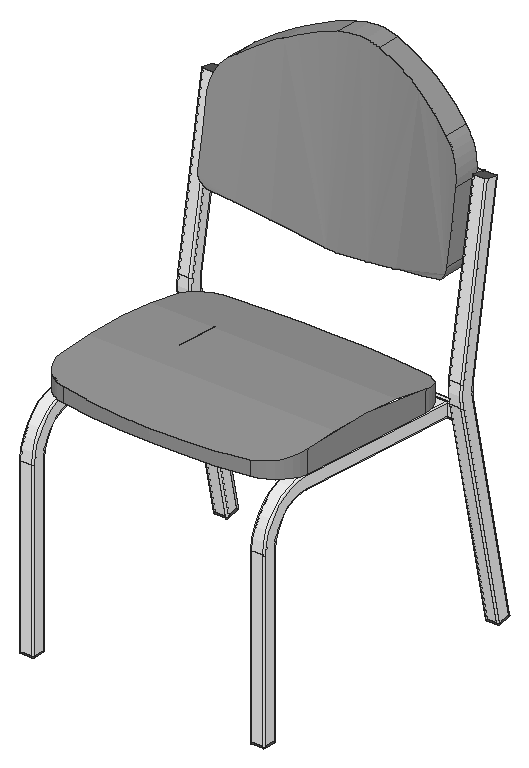
Revit family "110C", category Furniture, Revit 2019
Family settings
  OmniClass Number = 23.40.00.00
  OmniClass Title = Equipment and Furnishings
  Work Plane-Based = No
  Always vertical = Yes
  Cut with Voids When Loaded = No
  Shared = No
  Room Calculation Point = No
Parameters (values of type "110C")
  URL = "www.gof.co.uk"
  Seat = Gresham - Gabriel Byron 09101
  Range = "SEATING"
  Product Code = "110C"
  Model = "HEAVY DUTY"
  Manufacturer = "Gresham Office Funiture"  # constant formula
  Frame = Gresham - Chrome
  Plastics = Gresham - Black Plastic
  Back = Gresham - Gabriel Byron 09101
  Assembly Code = "E2020200"
Reference planes
  plane 1 "Center (Front/Back)": y = 0
  plane 2: z = 0
  plane 3 "Center (Left/Right)": x = 0
  plane 4: x = 190.33
  plane 5: x = -190.33
  plane 6: z = 3
Forms (mm)
  Sweep 1, solid, material "Gresham - Chrome" <- "Frame"
    path in 3D
      loop
        line (0, 140.425, 356.86) -> (0, -167.445, 378.389)
        arc (0, -167.445, 378.389) -> (0, -223.827, 358.423) -> (0, -247.677, 303.572) r 75
        line (0, -247.677, 303.572) -> (0, -247.677, 2.599)
    profile origin (0, -247.677, 153.085) x (1, 0, 0) y (0, 1, 0)
      loop
        arc (-212.33, 12.614) -> (-214.452, 11.735) -> (-215.33, 9.614) r 3
        line (-215.33, 9.614) -> (-215.33, -9.386)
        arc (-215.33, -9.386) -> (-214.452, -11.508) -> (-212.33, -12.386) r 3
        line (-212.33, -12.386) -> (-193.33, -12.386)
        arc (-193.33, -12.386) -> (-191.209, -11.508) -> (-190.33, -9.386) r 3
        line (-190.33, -9.386) -> (-190.33, 9.614)
        arc (-190.33, 9.614) -> (-191.209, 11.735) -> (-193.33, 12.614) r 3
        line (-193.33, 12.614) -> (-212.33, 12.614)
  Sweep 2, solid, material "Gresham - Chrome" <- "Frame"
    path in 3D
      loop
        line (0, 222.056, 5.613) -> (0, 142.906, 377.981)
        arc (0, 142.906, 377.981) -> (0, 141.008, 394.644) -> (0, 142.324, 411.363) r 87.488
        line (0, 142.324, 411.363) -> (0, 195.228, 711.397)
    profile origin (0, 182.481, 191.797) x (0, -0.978148, -0.207912) y (1, 0, 0)
      loop
        line (12.5, -247.93) -> (12.5, -228.93)
        arc (12.5, -228.93) -> (11.621, -226.809) -> (9.5, -225.93) r 3
        line (9.5, -225.93) -> (-9.5, -225.93)
        arc (-9.5, -225.93) -> (-11.621, -226.809) -> (-12.5, -228.93) r 3
        line (-12.5, -228.93) -> (-12.5, -247.93)
        arc (-12.5, -247.93) -> (-11.621, -250.052) -> (-9.5, -250.93) r 3
        line (-9.5, -250.93) -> (9.5, -250.93)
        arc (9.5, -250.93) -> (11.621, -250.052) -> (12.5, -247.93) r 3
  Extrusion 3, solid, material "Gresham - Chrome" <- "Frame"
    sketch origin (0, 0, 0) x (0, 1, 0) y (0, 0, 1)
      loop
        arc (140.411, 347.398) -> (141.134, 345.218) -> (143.186, 344.188) r 3
        line (143.186, 344.188) -> (149.596, 343.724)
        arc (149.596, 343.724) -> (151.775, 344.447) -> (152.805, 346.499) r 3
        line (152.805, 346.499) -> (154.179, 365.449)
        arc (154.179, 365.449) -> (153.456, 367.629) -> (151.403, 368.658) r 3
        line (151.403, 368.658) -> (144.994, 369.123)
        arc (144.994, 369.123) -> (142.815, 368.4) -> (141.785, 366.348) r 3
        line (141.785, 366.348) -> (140.411, 347.398)
    from -225.93 to 225.93
  Sweep 4, solid, material "Gresham - Chrome" <- "Frame"
    path in 3D
      loop
        line (0, 140.425, 356.86) -> (0, -167.445, 378.389)
        arc (0, -167.445, 378.389) -> (0, -223.827, 358.423) -> (0, -247.677, 303.572) r 75
        line (0, -247.677, 303.572) -> (0, -247.677, 2.599)
    profile origin (0, -247.677, 153.085) x (-1, 0, 0) y (0, -1, 0)
      loop
        line (-212.33, -12.614) -> (-193.33, -12.614)
        arc (-193.33, -12.614) -> (-191.209, -11.735) -> (-190.33, -9.614) r 3
        line (-190.33, -9.614) -> (-190.33, 9.386)
        arc (-190.33, 9.386) -> (-191.209, 11.508) -> (-193.33, 12.386) r 3
        line (-193.33, 12.386) -> (-212.33, 12.386)
        arc (-212.33, 12.386) -> (-214.452, 11.508) -> (-215.33, 9.386) r 3
        line (-215.33, 9.386) -> (-215.33, -9.614)
        arc (-215.33, -9.614) -> (-214.452, -11.735) -> (-212.33, -12.614) r 3
  Sweep 5, solid, material "Gresham - Chrome" <- "Frame"
    path in 3D
      loop
        line (0, 222.056, 5.613) -> (0, 142.906, 377.981)
        arc (0, 142.906, 377.981) -> (0, 141.008, 394.644) -> (0, 142.324, 411.363) r 87.488
        line (0, 142.324, 411.363) -> (0, 195.228, 711.397)
    profile origin (0, 182.481, 191.797) x (0, 0.978148, 0.207912) y (-1, 0, 0)
      loop
        arc (-12.5, -247.93) -> (-11.621, -250.052) -> (-9.5, -250.93) r 3
        line (-9.5, -250.93) -> (9.5, -250.93)
        arc (9.5, -250.93) -> (11.621, -250.052) -> (12.5, -247.93) r 3
        line (12.5, -247.93) -> (12.5, -228.93)
        arc (12.5, -228.93) -> (11.621, -226.809) -> (9.5, -225.93) r 3
        line (9.5, -225.93) -> (-9.5, -225.93)
        arc (-9.5, -225.93) -> (-11.621, -226.809) -> (-12.5, -228.93) r 3
        line (-12.5, -228.93) -> (-12.5, -247.93)
  Extrusion 6, solid, material "Gresham - Gabriel Byron 09101" <- "Seat"
    sketch origin (0, 0, 0) x (0, 1, 0) y (0, 0, 1)
      loop
        arc (165.171, 385.399) -> (164.203, 389.028) -> (161.21, 391.297) r 5.785
        arc (161.21, 391.297) -> (-39.776, 430.938) -> (-244.354, 420.234) r 831.477
        arc (-244.354, 420.234) -> (-253.074, 409.213) -> (-243.491, 398.935) r 10.781
        arc (-243.491, 398.935) -> (-51.992, 381.282) -> (140.028, 370.741) r 5186.378
        arc (140.028, 370.741) -> (150.469, 371.268) -> (160.662, 373.587) r 60.367
        arc (160.662, 373.587) -> (163.475, 375.545) -> (164.706, 378.743) r 5.843
        line (164.706, 378.743) -> (165.171, 385.399)
    from -225.93 to 222.876
  Extrusion 7, solid, material "Gresham - Chrome" <- "Frame"
    sketch origin (0, -272.043, 18.89) x (0, 1, 0) y (0, 0, 1)
      loop
        arc (140.411, 347.398) -> (141.134, 345.218) -> (143.186, 344.188) r 3
        line (143.186, 344.188) -> (149.596, 343.724)
        arc (149.596, 343.724) -> (151.775, 344.447) -> (152.805, 346.499) r 3
        line (152.805, 346.499) -> (154.179, 365.449)
        arc (154.179, 365.449) -> (153.456, 367.629) -> (151.403, 368.658) r 3
        line (151.403, 368.658) -> (144.994, 369.123)
        arc (144.994, 369.123) -> (142.815, 368.4) -> (141.785, 366.348) r 3
        line (141.785, 366.348) -> (140.411, 347.398)
    from -190.33 to 190.33
  Extrusion 8, void
    sketch origin (0, 0, 0) x (1, 0, 0) y (0, 1, 0)
      loop
        arc (-215.628, -165.833) -> (-200.829, -206.544) -> (-163.342, -228.25) r 63.399
        arc (-163.342, -228.25) -> (0, -242.677) -> (163.342, -228.25) r 931.873
        arc (163.342, -228.25) -> (200.829, -206.544) -> (215.628, -165.833) r 63.399
        line (215.628, -165.833) -> (215.628, 93.718)
        arc (215.628, 93.718) -> (202.396, 129.501) -> (169.067, 148.066) r 55
        arc (169.067, 148.066) -> (0, 161.114) -> (-169.067, 148.066) r 1101.913
        arc (-169.067, 148.066) -> (-202.396, 129.501) -> (-215.628, 93.718) r 55
        line (-215.628, 93.718) -> (-215.628, -165.833)
      loop
        line (340.89, 202.97) -> (-324.11, 202.97) -> (-324.11, -277.03) -> (340.89, -277.03) -> (340.89, 202.97)
    from 357.879 to 453.42
  Sweep 9, solid, material "Gresham - Gabriel Byron 09101" <- "Back"
    path in 3D
      loop
        arc (-268.147, 137.406, 0) -> (0, 199.023, 0) -> (268.147, 137.406, 0) r 614.271
    profile origin (0, 199.023, 0) x (0, 1, 0) y (0, 0, 1)
      loop
        line (60.538, 852.987) -> (22.604, 858.995) -> (-32.536, 510.851)
        arc (-32.536, 510.851) -> (-14.215, 485.634) -> (11.002, 503.955) r 22.04
        line (11.002, 503.955) -> (60.538, 852.987)
  Extrusion 10, void
    sketch origin (0, 0, 0) x (1, 0, 0) y (0, 0, 1)
      loop
        arc (218.639, 700.736) -> (209.308, 735.35) -> (183.842, 760.583) r 68.863
        arc (183.842, 760.583) -> (113.467, 802.041) -> (37.111, 831.044) r 482.874
        arc (37.111, 831.044) -> (0, 836.242) -> (-37.111, 831.044) r 135.07
        arc (-37.111, 831.044) -> (-113.467, 802.041) -> (-183.842, 760.583) r 482.874
        arc (-183.842, 760.583) -> (-209.308, 735.35) -> (-218.639, 700.736) r 68.863
        line (-218.639, 700.736) -> (-218.639, 583.5)
        arc (-218.639, 583.5) -> (-213.138, 567.239) -> (-198.893, 557.657) r 26.785
        arc (-198.893, 557.657) -> (-109.927, 533.849) -> (-19.13, 518.428) r 988.155
        arc (-19.13, 518.428) -> (0, 517.263) -> (19.13, 518.428) r 157.679
        arc (19.13, 518.428) -> (109.927, 533.849) -> (198.893, 557.657) r 988.155
        arc (198.893, 557.657) -> (213.138, 567.239) -> (218.639, 583.5) r 26.785
        line (218.639, 583.5) -> (218.639, 700.736)
      loop
        line (307.949, 872.705) -> (-307.949, 872.705) -> (-307.949, 485.141) -> (307.949, 485.141) -> (307.949, 872.705)
    from -273.517 to -84.138
  Extrusion 11, solid, material "Gresham - Chrome" <- "Frame"
    sketch origin (24.405, -70.359, 31.489) x (-0.964118, -0.253406, 0.079132) y (-0.030585, -0.190071, -0.981294)
      loop
        line (226.185, -709.325) -> (226.185, -610.773) -> (197.511, -609.352)
        arc (197.511, -609.352) -> (194.555, -610.449) -> (193.313, -613.347) r 4
        line (193.313, -613.347) -> (193.313, -703.89)
        arc (193.313, -703.89) -> (194.415, -706.648) -> (197.115, -707.885) r 4
        line (197.115, -707.885) -> (226.185, -709.325)
    from -210.469 to -207.469
  Extrusion 12, solid, material "Gresham - Chrome" <- "Frame"
    sketch origin (-24.405, -70.359, 31.489) x (0.964118, -0.253406, 0.079132) y (-0.030585, 0.190071, 0.981294)
      loop
        line (226.185, 709.325) -> (197.115, 707.885)
        arc (197.115, 707.885) -> (194.415, 706.648) -> (193.313, 703.89) r 4
        line (193.313, 703.89) -> (193.313, 613.347)
        arc (193.313, 613.347) -> (194.555, 610.449) -> (197.511, 609.352) r 4
        line (197.511, 609.352) -> (226.185, 610.773) -> (226.185, 709.325)
    from -210.469 to -207.469
  Extrusion 13, solid, material "Gresham - Black Plastic" <- "Plastics"
    sketch origin (0, -247.677, 2.599) x (0, -1, 0) y (-1, 0, 0)
      loop
        line (12.386, 193.33) -> (12.386, 212.33)
        arc (12.386, 212.33) -> (11.508, 214.452) -> (9.386, 215.33) r 3
        line (9.386, 215.33) -> (-9.614, 215.33)
        arc (-9.614, 215.33) -> (-11.735, 214.452) -> (-12.614, 212.33) r 3
        line (-12.614, 212.33) -> (-12.614, 193.33)
        arc (-12.614, 193.33) -> (-11.735, 191.209) -> (-9.614, 190.33) r 3
        line (-9.614, 190.33) -> (9.386, 190.33)
        arc (9.386, 190.33) -> (11.508, 191.209) -> (12.386, 193.33) r 3
    from 0 to 2.599
  Extrusion 14, solid, material "Gresham - Black Plastic" <- "Plastics"
    sketch origin (0, -247.677, 2.599) x (0, 1, 0) y (1, 0, 0)
      loop
        arc (-12.386, 193.33) -> (-11.508, 191.209) -> (-9.386, 190.33) r 3
        line (-9.386, 190.33) -> (9.614, 190.33)
        arc (9.614, 190.33) -> (11.735, 191.209) -> (12.614, 193.33) r 3
        line (12.614, 193.33) -> (12.614, 212.33)
        arc (12.614, 212.33) -> (11.735, 214.452) -> (9.614, 215.33) r 3
        line (9.614, 215.33) -> (-9.386, 215.33)
        arc (-9.386, 215.33) -> (-11.508, 214.452) -> (-12.386, 212.33) r 3
        line (-12.386, 212.33) -> (-12.386, 193.33)
    from 0 to 2.599
  Extrusion 15, solid, material "Gresham - Black Plastic" <- "Plastics"
    sketch origin (0, 222.056, 5.613) x (0, 0.978148, 0.207912) y (1, 0, 0)
      loop
        arc (9.5, -250.93) -> (11.621, -250.052) -> (12.5, -247.93) r 3
        line (12.5, -247.93) -> (12.5, -228.93)
        arc (12.5, -228.93) -> (11.621, -226.809) -> (9.5, -225.93) r 3
        line (9.5, -225.93) -> (-9.5, -225.93)
        arc (-9.5, -225.93) -> (-11.621, -226.809) -> (-12.5, -228.93) r 3
        line (-12.5, -228.93) -> (-12.5, -247.93)
        arc (-12.5, -247.93) -> (-11.621, -250.052) -> (-9.5, -250.93) r 3
        line (-9.5, -250.93) -> (9.5, -250.93)
    from 0 to 3
  Extrusion 16, solid, material "Gresham - Black Plastic" <- "Plastics"
    sketch origin (0, 222.056, 5.613) x (0, 0.978148, 0.207912) y (1, 0, 0)
      loop
        line (9.5, 250.93) -> (-9.5, 250.93)
        arc (-9.5, 250.93) -> (-11.621, 250.052) -> (-12.5, 247.93) r 3
        line (-12.5, 247.93) -> (-12.5, 228.93)
        arc (-12.5, 228.93) -> (-11.621, 226.809) -> (-9.5, 225.93) r 3
        line (-9.5, 225.93) -> (9.5, 225.93)
        arc (9.5, 225.93) -> (11.621, 226.809) -> (12.5, 228.93) r 3
        line (12.5, 228.93) -> (12.5, 247.93)
        arc (12.5, 247.93) -> (11.621, 250.052) -> (9.5, 250.93) r 3
    from 0 to 3
Cuts and joins
  Extrusion 8 cuts Extrusion 6
  Extrusion 10 cuts Sweep 9
Lines and regions (mm)
  sketch lines
    curve 1: line (0, -247.677, 303.572) -> (0, -247.677, 2.599)
    curve 2: arc (0, -167.445, 378.389) -> (0, -223.827, 358.423) -> (0, -247.677, 303.572) r 75
    curve 3: line (0, -167.445, 378.389) -> (0, 140.425, 356.86)
    curve 4: line (0, 222.056, 5.613) -> (0, 142.906, 377.981)
    curve 5: arc (0, 142.906, 377.981) -> (0, 141.008, 394.644) -> (0, 142.324, 411.363) r 87.488
    curve 6: line (0, 142.324, 411.363) -> (0, 195.228, 711.397)
    curve 7: line (0, -247.677, 303.572) -> (0, -247.677, 2.599)
    curve 8: arc (0, -167.445, 378.389) -> (0, -223.827, 358.423) -> (0, -247.677, 303.572) r 75
    curve 9: line (0, -167.445, 378.389) -> (0, 140.425, 356.86)
    curve 10: line (0, 222.056, 5.613) -> (0, 142.906, 377.981)
    curve 11: arc (0, 142.906, 377.981) -> (0, 141.008, 394.644) -> (0, 142.324, 411.363) r 87.488
    curve 12: line (0, 142.324, 411.363) -> (0, 195.228, 711.397)
    curve 13: arc (-268.147, 137.406, 0) -> (0, 199.023, 0) -> (268.147, 137.406, 0) r 614.271
Dimensions and locks
  aligned and locked: level to plane 2
